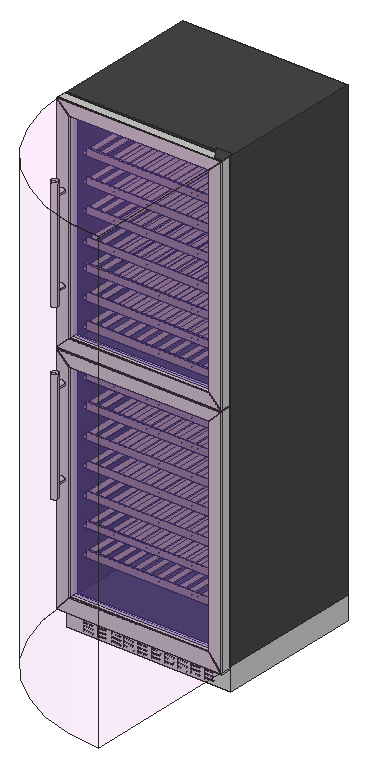
Revit family "QF_Summit_SWC1875B_Bottle_Commercial_Wine_Cellar", category Specialty Equipment, Revit 2020 (continued)
Definition of nested family "SWC1875B"
  Forms (in)
    Extrusion 32, void
      sketch origin (23.63, -20.875, 0.63091) x (1, 0, 0) y (0, 0, -1)
        loop
          line (-5.66837, -2.61853) -> (-4.44992, -2.61853)
          arc (-4.44992, -2.61853) -> (-4.32492, -2.49353) -> (-4.44992, -2.36853) r 0.125
          line (-4.44992, -2.36853) -> (-5.66837, -2.36853)
          arc (-5.66837, -2.36853) -> (-5.79337, -2.49353) -> (-5.66837, -2.61853) r 0.125
        loop
          line (-5.66837, -2.11853) -> (-4.44992, -2.11853)
          arc (-4.44992, -2.11853) -> (-4.32492, -1.99353) -> (-4.44992, -1.86853) r 0.125
          line (-4.44992, -1.86853) -> (-5.66837, -1.86853)
          arc (-5.66837, -1.86853) -> (-5.79337, -1.99353) -> (-5.66837, -2.11853) r 0.125
        loop
          line (-5.66837, -1.61853) -> (-4.44992, -1.61853)
          arc (-4.44992, -1.61853) -> (-4.32492, -1.49353) -> (-4.44992, -1.36853) r 0.125
          line (-4.44992, -1.36853) -> (-5.66837, -1.36853)
          arc (-5.66837, -1.36853) -> (-5.79337, -1.49353) -> (-5.66837, -1.61853) r 0.125
        loop
          line (-5.66837, -1.11853) -> (-4.44992, -1.11853)
          arc (-4.44992, -1.11853) -> (-4.32492, -0.99353) -> (-4.44992, -0.86853) r 0.125
          line (-4.44992, -0.86853) -> (-5.66837, -0.86853)
          arc (-5.66837, -0.86853) -> (-5.79337, -0.99353) -> (-5.66837, -1.11853) r 0.125
        loop
          line (-5.66837, -0.61853) -> (-4.44992, -0.61853)
          arc (-4.44992, -0.61853) -> (-4.32492, -0.49353) -> (-4.44992, -0.36853) r 0.125
          line (-4.44992, -0.36853) -> (-5.66837, -0.36853)
          arc (-5.66837, -0.36853) -> (-5.79337, -0.49353) -> (-5.66837, -0.61853) r 0.125
        loop
          line (-3.73087, -2.61853) -> (-2.51242, -2.61853)
          arc (-2.51242, -2.61853) -> (-2.38742, -2.49353) -> (-2.51242, -2.36853) r 0.125
          line (-2.51242, -2.36853) -> (-3.73087, -2.36853)
          arc (-3.73087, -2.36853) -> (-3.85587, -2.49353) -> (-3.73087, -2.61853) r 0.125
        loop
          line (-3.73087, -2.11853) -> (-2.51242, -2.11853)
          arc (-2.51242, -2.11853) -> (-2.38742, -1.99353) -> (-2.51242, -1.86853) r 0.125
          line (-2.51242, -1.86853) -> (-3.73087, -1.86853)
          arc (-3.73087, -1.86853) -> (-3.85587, -1.99353) -> (-3.73087, -2.11853) r 0.125
        loop
          line (-3.73087, -1.61853) -> (-2.51242, -1.61853)
          arc (-2.51242, -1.61853) -> (-2.38742, -1.49353) -> (-2.51242, -1.36853) r 0.125
          line (-2.51242, -1.36853) -> (-3.73087, -1.36853)
          arc (-3.73087, -1.36853) -> (-3.85587, -1.49353) -> (-3.73087, -1.61853) r 0.125
        loop
          line (-3.73087, -1.11853) -> (-2.51242, -1.11853)
          arc (-2.51242, -1.11853) -> (-2.38742, -0.99353) -> (-2.51242, -0.86853) r 0.125
          line (-2.51242, -0.86853) -> (-3.73087, -0.86853)
          arc (-3.73087, -0.86853) -> (-3.85587, -0.99353) -> (-3.73087, -1.11853) r 0.125
        loop
          line (-3.73087, -0.61853) -> (-2.51242, -0.61853)
          arc (-2.51242, -0.61853) -> (-2.38742, -0.49353) -> (-2.51242, -0.36853) r 0.125
          line (-2.51242, -0.36853) -> (-3.73087, -0.36853)
          arc (-3.73087, -0.36853) -> (-3.85587, -0.49353) -> (-3.73087, -0.61853) r 0.125
      from 0 to 0.48844
    Revolve 33, solid
      sketch origin (0, -17.46021, 0) x (1, 0, 0) y (0, 0, 1)
        loop
          line (1.66688, 0.63091) -> (1.66688, 0) -> (2.50005, 0) -> (2.50005, 0.42259) -> (2.00005, 0.42259) -> (2.00005, 0.63091) -> (1.66688, 0.63091)
        axis (1.66688, 0) -> (1.66688, 0.63091)
      angle from 0 to 360
    Revolve 34, solid
      sketch origin (23.63, -17.46021, 0) x (-1, 0, 0) y (0, 0, 1)
        loop
          line (1.66688, 0.63091) -> (1.66688, 0) -> (2.50005, 0) -> (2.50005, 0.42259) -> (2.00005, 0.42259) -> (2.00005, 0.63091) -> (1.66688, 0.63091)
        axis (1.66688, 0) -> (1.66688, 0.63091)
      angle from 0 to 360
    Revolve 35, solid
      sketch origin (0, -2.96021, 0) x (1, 0, 0) y (0, 0, 1)
        loop
          line (1.66688, 0.63091) -> (1.66688, 0) -> (2.50005, 0) -> (2.50005, 0.42259) -> (2.00005, 0.42259) -> (2.00005, 0.63091) -> (1.66688, 0.63091)
        axis (1.66688, 0) -> (1.66688, 0.63091)
      angle from 0 to 360
    Revolve 36, solid
      sketch origin (23.63, -2.96021, 0) x (-1, 0, 0) y (0, 0, 1)
        loop
          line (1.66688, 0.63091) -> (1.66688, 0) -> (2.50005, 0) -> (2.50005, 0.42259) -> (2.00005, 0.42259) -> (2.00005, 0.63091) -> (1.66688, 0.63091)
        axis (1.66688, 0) -> (1.66688, 0.63091)
      angle from 0 to 360
    Extrusion 37, solid
      sketch origin (21.87273, -22.55272, 39.25802) x (-1, 0, 0) y (0, -1, 0)
        loop
          line (20.05629, -0.8819) -> (20.05629, -0.3819) -> (0, -0.3819) -> (0, -0.8819) -> (20.05629, -0.8819)
      from 0 to 28.7204
    Extrusion 38, solid
      sketch origin (22.14472, -22.55272, 35.6817) x (0, 1, 0) y (1, 0, 0)
        loop
          line (0.8819, -20.32829) -> (0.8819, -0.272) -> (0.3819, -0.272) -> (0.3819, -20.32829) -> (0.8819, -20.32829)
      from 0 to 29.75
    Extrusion 39, solid
      sketch origin (23.63, -22.55272, 37.60233) x (-1, 0, 0) y (0, 0, -1)
        loop
          line (21.81357, -30.37609) -> (1.75727, -30.37609) -> (0, -32.02267) -> (23.63, -32.02267) -> (21.81357, -30.37609)
      from 0 to 0.19728
    Extrusion 40, solid
      sketch origin (23.63, -22.55272, 37.60233) x (-1, 0, 0) y (0, 0, -1)
        loop
          line (21.81357, -30.37609) -> (23.63, -32.02267) -> (23.63, 0) -> (21.81357, -1.65569) -> (21.81357, -30.37609)
      from 0 to 0.19728
    Extrusion 41, solid
      sketch origin (23.63, -22.55272, 37.60233) x (-1, 0, 0) y (0, 0, -1)
        loop
          line (1.75727, -1.65569) -> (21.81357, -1.65569) -> (23.63, 0) -> (0, 0) -> (1.75727, -1.65569)
      from 0 to 0.19728
    Extrusion 42, solid
      sketch origin (23.63, -22.55272, 37.60233) x (-1, 0, 0) y (0, 0, -1)
        loop
          line (0, 0) -> (0, -32.02267) -> (1.75727, -30.37609) -> (1.75727, -1.65569) -> (0, 0)
      from 0 to 0.19728
    Extrusion 43, solid
      sketch origin (23.63, -22.55272, 37.60233) x (-1, 0, 0) y (0, 0, -1)
        loop
          line (21.81357, 1.92064) -> (1.75727, 1.92064) -> (0, 0.25) -> (23.63, 0.25) -> (21.81357, 1.92064)
      from 0 to 0.19728
    Extrusion 44, solid
      sketch origin (23.63, -22.55272, 37.60233) x (-1, 0, 0) y (0, 0, -1)
        loop
          line (21.81357, 1.92064) -> (23.63, 0.25) -> (23.63, 33.79621) -> (21.81357, 31.67064) -> (21.81357, 1.92064)
      from 0 to 0.19728
    Extrusion 45, solid
      sketch origin (23.63, -22.55272, 37.60233) x (-1, 0, 0) y (0, 0, -1)
        loop
          line (21.81357, 31.67064) -> (23.63, 33.79621) -> (0, 33.79621) -> (1.75727, 31.67064) -> (21.81357, 31.67064)
      from 0 to 0.19728
    Extrusion 46, solid
      sketch origin (23.63, -22.55272, 37.60233) x (-1, 0, 0) y (0, 0, -1)
        loop
          line (1.75727, 31.67064) -> (0, 33.79621) -> (0, 0.25) -> (1.75727, 1.92064) -> (1.75727, 31.67064)
      from 0 to 0.19728
    Extrusion 47, solid
      sketch origin (0, 0, 0.63091) x (1, 0, 0) y (0, 0, -1)
        loop
          circle (19.64692, -0.97331) r 0.25
      from 0 to 0.03125
    Revolve 48, solid, visible <- "Show RHD"
      sketch origin (0.54676, -24.125, 48) x (-1, 0, 0) y (0, 0, 1)
        loop
          line (-0.30211, -12.91418) -> (-0.80211, -12.91418) -> (-0.80211, -28.91418) -> (-0.30211, -28.91418) -> (-0.30211, -12.91418)
        axis (-0.30211, -12.91418) -> (-0.30211, -28.91418)
      angle from 0 to 360
    Revolve 49, solid, visible <- "Show RHD"
      sketch origin (0.54676, -24.125, 48) x (-1, 0, 0) y (0, 0, 1)
        loop
          line (-0.30211, 11.83582) -> (-0.80211, 11.83582) -> (-0.80211, -4.16418) -> (-0.30211, -4.16418) -> (-0.30211, 11.83582)
        axis (-0.30211, 11.83582) -> (-0.30211, -4.16418)
      angle from 0 to 360
    Extrusion 50, solid, visible <- "Show RHD"
      sketch origin (23.63, -22.75, 37.60233) x (-1, 0, 0) y (0, 0, -1)
        loop
          circle (22.78729, -20.40461) r 0.34282
        loop
          circle (22.78729, -8.12336) r 0.34282
        loop
          circle (22.78729, 4.40789) r 0.34282
        loop
          circle (22.78729, 16.75164) r 0.34282
      from 0 to 1.41189
    Extrusion 51, solid, visible <- "Show RHD"
      sketch origin (-0.38082, -180, 69.625) x (-1, 0, 0) y (0, -1, 0)
        loop
          line (-21.62551, -159.45023) -> (-22.92625, -157.44728) -> (-23.92435, -157.44728) -> (-23.92435, -159.45023) -> (-21.62551, -159.45023)
      from 0 to 0.125
    Extrusion 52, solid, visible <- "Show RHD"
      sketch origin (-0.80553, -180, 37.8156) x (-1, 0, 0) y (0, 1, 0)
        loop
          line (-22.05022, 159.45023) -> (-24.34906, 159.45023) -> (-24.34906, 157.44728) -> (-23.35096, 157.44728) -> (-22.05022, 159.45023)
      from 0.21327 to 0.46327
    Extrusion 53, solid, visible <- "Show RHD"
      sketch origin (-0.38082, -180, 3.80612) x (0, -1, 0) y (-1, 0, 0)
        loop
          line (-159.45023, -21.62551) -> (-159.45023, -23.92435) -> (-157.44728, -23.92435) -> (-157.44728, -22.92625) -> (-159.45023, -21.62551)
      from 0 to 0.25
    Extrusion 54, solid, visible <- "Show RHD"
      sketch origin (-0.38082, -180, 3.80612) x (0, -1, 0) y (-1, 0, 0)
        loop
          line (-158.71108, -24.01082) -> (-135.25, -24.01082)
          arc (-135.25, -24.01082) -> (-142.11124, -7.36133) -> (-158.71108, -0.38082) r 23.63
          line (-158.71108, -0.38082) -> (-158.71108, -24.01082)
      from 0 to -65.81888
    Extrusion 55, solid, visible <- "Show RHD"
      sketch origin (0, 0, 0) x (1, 0, 0) y (0, 0, 1)
        loop
          line (1.4559, 68.10899) -> (1.4559, 66.10899) -> (22.2059, 66.10899) -> (22.2059, 68.10899) -> (1.4559, 68.10899)
      from 6.32583 to 19.80063
    Extrusion 56, solid
      sketch origin (0, -19.80063, 0) x (1, 0, 0) y (0, 0, 1)
        loop
          line (8.43898, 67.12374) -> (8.43898, 66.62374) -> (8.93898, 66.62374) -> (8.93898, 67.12374) -> (8.43898, 67.12374)
        loop
          line (8.47023, 67.09249) -> (8.47023, 66.65499) -> (8.90773, 66.65499) -> (8.90773, 67.09249) -> (8.47023, 67.09249)
        loop
          line (8.50148, 67.06124) -> (8.50148, 66.68624) -> (8.87648, 66.68624) -> (8.87648, 67.06124) -> (8.50148, 67.06124)
        loop
          line (9.18898, 67.12374) -> (9.18898, 66.62374) -> (9.68898, 66.62374) -> (9.68898, 67.12374) -> (9.18898, 67.12374)
        loop
          line (9.22023, 67.09249) -> (9.22023, 66.65499) -> (9.65773, 66.65499) -> (9.65773, 67.09249) -> (9.22023, 67.09249)
        loop
          line (9.25148, 67.06124) -> (9.25148, 66.68624) -> (9.62648, 66.68624) -> (9.62648, 67.06124) -> (9.25148, 67.06124)
        loop
          line (9.92438, 67.12374) -> (9.92438, 66.62374) -> (10.42438, 66.62374) -> (10.42438, 67.12374) -> (9.92438, 67.12374)
        loop
          line (9.95563, 67.09249) -> (9.95563, 66.65499) -> (10.39313, 66.65499) -> (10.39313, 67.09249) -> (9.95563, 67.09249)
        loop
          line (9.98688, 67.06124) -> (9.98688, 66.68624) -> (10.36188, 66.68624) -> (10.36188, 67.06124) -> (9.98688, 67.06124)
        loop
          line (15.19102, 67.12374) -> (14.69102, 67.12374) -> (14.69102, 66.62374) -> (15.19102, 66.62374) -> (15.19102, 67.12374)
        loop
          line (15.15977, 67.09249) -> (14.72227, 67.09249) -> (14.72227, 66.65499) -> (15.15977, 66.65499) -> (15.15977, 67.09249)
        loop
          line (15.12852, 67.06124) -> (14.75352, 67.06124) -> (14.75352, 66.68624) -> (15.12852, 66.68624) -> (15.12852, 67.06124)
        loop
          line (14.44102, 67.12374) -> (13.94102, 67.12374) -> (13.94102, 66.62374) -> (14.44102, 66.62374) -> (14.44102, 67.12374)
        loop
          line (14.40977, 67.09249) -> (13.97227, 67.09249) -> (13.97227, 66.65499) -> (14.40977, 66.65499) -> (14.40977, 67.09249)
        loop
          line (14.37852, 67.06124) -> (14.00352, 67.06124) -> (14.00352, 66.68624) -> (14.37852, 66.68624) -> (14.37852, 67.06124)
        loop
          line (13.70562, 67.12374) -> (13.20562, 67.12374) -> (13.20562, 66.62374) -> (13.70562, 66.62374) -> (13.70562, 67.12374)
        loop
          line (13.67437, 67.09249) -> (13.23687, 67.09249) -> (13.23687, 66.65499) -> (13.67437, 66.65499) -> (13.67437, 67.09249)
        loop
          line (13.64312, 67.06124) -> (13.26812, 67.06124) -> (13.26812, 66.68624) -> (13.64312, 66.68624) -> (13.64312, 67.06124)
      from 0 to 0.03125
    Extrusion 57, solid
      sketch origin (0, -19.80063, 0) x (1, 0, 0) y (0, 0, 1)
        loop
          line (10.77318, 67.42859) -> (10.77318, 66.36609) -> (12.92283, 66.36609) -> (12.92283, 67.42859) -> (10.77318, 67.42859)
      from 0 to 0.03125
    Extrusion 58, solid
      sketch origin (0, -19.80063, 0) x (1, 0, 0) y (0, 0, 1)
        loop
          line (8.47023, 67.09249) -> (8.47023, 66.65499) -> (8.90773, 66.65499) -> (8.90773, 67.09249) -> (8.47023, 67.09249)
        loop
          line (8.50148, 67.06124) -> (8.50148, 66.68624) -> (8.87648, 66.68624) -> (8.87648, 67.06124) -> (8.50148, 67.06124)
        loop
          line (9.22023, 67.09249) -> (9.22023, 66.65499) -> (9.65773, 66.65499) -> (9.65773, 67.09249) -> (9.22023, 67.09249)
        loop
          line (9.25148, 67.06124) -> (9.25148, 66.68624) -> (9.62648, 66.68624) -> (9.62648, 67.06124) -> (9.25148, 67.06124)
        loop
          line (9.95563, 67.09249) -> (9.95563, 66.65499) -> (10.39313, 66.65499) -> (10.39313, 67.09249) -> (9.95563, 67.09249)
        loop
          line (9.98688, 67.06124) -> (9.98688, 66.68624) -> (10.36188, 66.68624) -> (10.36188, 67.06124) -> (9.98688, 67.06124)
        loop
          line (13.23687, 67.09249) -> (13.23687, 66.65499) -> (13.67437, 66.65499) -> (13.67437, 67.09249) -> (13.23687, 67.09249)
        loop
          line (13.26812, 67.06124) -> (13.26812, 66.68624) -> (13.64312, 66.68624) -> (13.64312, 67.06124) -> (13.26812, 67.06124)
        loop
          line (13.97227, 67.09249) -> (13.97227, 66.65499) -> (14.40977, 66.65499) -> (14.40977, 67.09249) -> (13.97227, 67.09249)
        loop
          line (14.00352, 67.06124) -> (14.00352, 66.68624) -> (14.37852, 66.68624) -> (14.37852, 67.06124) -> (14.00352, 67.06124)
        loop
          line (14.72227, 67.09249) -> (14.72227, 66.65499) -> (15.15977, 66.65499) -> (15.15977, 67.09249) -> (14.72227, 67.09249)
        loop
          line (14.75352, 67.06124) -> (14.75352, 66.68624) -> (15.12852, 66.68624) -> (15.12852, 67.06124) -> (14.75352, 67.06124)
      from 0 to 0.03125
    Revolve 59, solid, visible <- "Show LHD"
      sketch origin (23.08324, -24.125, 48) x (1, 0, 0) y (0, 0, -1)
        loop
          line (-0.30211, 12.91418) -> (-0.30211, 28.91418) -> (-0.80211, 28.91418) -> (-0.80211, 12.91418) -> (-0.30211, 12.91418)
        axis (-0.30211, 12.91418) -> (-0.30211, 28.91418)
      angle from 0 to 360
    Revolve 60, solid, visible <- "Show LHD"
      sketch origin (23.08324, -24.125, 48) x (1, 0, 0) y (0, 0, -1)
        loop
          line (-0.30211, -11.83582) -> (-0.30211, 4.16418) -> (-0.80211, 4.16418) -> (-0.80211, -11.83582) -> (-0.30211, -11.83582)
        axis (-0.30211, -11.83582) -> (-0.30211, 4.16418)
      angle from 0 to 360
    Extrusion 61, solid, visible <- "Show LHD"
      sketch origin (0, -22.75, 37.60233) x (1, 0, 0) y (0, 0, 1)
        loop
          circle (22.78729, 20.40461) r 0.34282
        loop
          circle (22.78729, 8.12336) r 0.34282
        loop
          circle (22.78729, -4.40789) r 0.34282
        loop
          circle (22.78729, -16.75164) r 0.34282
      from 0 to 1.41189
    Extrusion 62, solid, visible <- "Show LHD"
      sketch origin (24.01082, -180, 69.625) x (1, 0, 0) y (0, 1, 0)
        loop
          line (-21.62551, 159.45023) -> (-23.92435, 159.45023) -> (-23.92435, 157.44728) -> (-22.92625, 157.44728) -> (-21.62551, 159.45023)
      from 0 to 0.125
    Extrusion 63, solid, visible <- "Show LHD"
      sketch origin (24.43553, -180, 37.8156) x (-1, 0, 0) y (0, 1, 0)
        loop
          line (22.05022, 159.45023) -> (23.35096, 157.44728) -> (24.34906, 157.44728) -> (24.34906, 159.45023) -> (22.05022, 159.45023)
      from 0.21327 to 0.46327
    Extrusion 64, solid, visible <- "Show LHD"
      sketch origin (24.01082, -180, 3.80612) x (0, 1, 0) y (1, 0, 0)
        loop
          line (159.45023, -21.62551) -> (157.44728, -22.92625) -> (157.44728, -23.92435) -> (159.45023, -23.92435) -> (159.45023, -21.62551)
      from 0 to 0.25
    Extrusion 65, solid, visible <- "Show LHD"
      sketch origin (24.01082, -180, 3.80612) x (0, 1, 0) y (1, 0, 0)
        loop
          line (158.71108, -24.01082) -> (158.71108, -0.38082)
          arc (158.71108, -0.38082) -> (142.11124, -7.36133) -> (135.25, -24.01082) r 23.63
          line (135.25, -24.01082) -> (158.71108, -24.01082)
      from 0 to -65.81888
  Cuts and joins
    joined: Extrusion 51, Extrusion 52, Extrusion 55
    Extrusion 7 cuts Extrusion 4
    Extrusion 7, Extrusion 8, Extrusion 9 cuts Extrusion 3
    Extrusion 8, Extrusion 9 cuts Extrusion 5
    Extrusion 9 cuts Extrusion 6
    joined: Revolve 48, Revolve 49, Extrusion 50
    Extrusion 7, Extrusion 8, Extrusion 9 cuts Extrusion 2
    Extrusion 8, Extrusion 32 cuts Extrusion 1
  Lines and regions (in)
    symbolic lines, visible <- "Show RHD"
      curve 1: arc (0.34887, -24.125, 0) -> (0.84887, -23.625, 0) -> (1.34887, -24.125, 0) r 0.5
      curve 2: arc (1.34887, -24.125, 0) -> (0.84887, -24.625, 0) -> (0.34887, -24.125, 0) r 0.5
      curve 3: line (1.18553, -23.75532, 0) -> (1.18553, -22.75, 0)
      curve 4: line (0.49988, -23.76694, 0) -> (0.49988, -22.75, 0)
      curve 5: line (0, -22.75, 0) -> (23.63, -22.75, 0)
      curve 6: line (23.63, -22.55272, 0) -> (0, -22.55272, 0)
      curve 7: line (0, -21.28892, 0) -> (0, -22.75, 0)
      curve 8: line (23.63, -21.28892, 0) -> (23.54352, -21.28892, 0)
      curve 9: line (23.63, -22.75, 0) -> (23.63, -21.28892, 0)
      curve 10: line (21.7247, -21.28892, 0) -> (0, -21.28892, 0)
      curve 11: line (21.24469, -20.54977, 0) -> (22.54542, -22.55272, 0)
      curve 12: line (23.54352, -20.54977, 0) -> (21.24469, -20.54977, 0)
      curve 13: line (23.54352, -22.55272, 0) -> (23.54352, -20.54977, 0)
      curve 14: line (0, -20.875, 0) -> (21.4559, -20.875, 0)
      curve 15: line (23.54352, -20.875, 0) -> (23.63, -20.875, 0)
      curve 19: line (0.21484, -21.28892, 0) -> (0.21484, -20.875, 0)
      curve 20: arc (3.23891, -33.06173, 0) -> (0.84591, -27.38814, 0) -> (0, -21.28892, 0) r 23.63
      curve 21: line (23.63, -21.28892, 0) -> (3.23891, -33.06173, 0)
    symbolic lines
      curve 16: line (0, -20.875, 0) -> (0, 0, 0)
      curve 17: line (0, 0, 0) -> (23.63, 0, 0)
      curve 18: line (23.63, 0, 0) -> (23.63, -20.875, 0)
    symbolic lines, visible <- "Show LHD"
      curve 22: arc (23.28113, -24.125, 0) -> (22.78113, -23.625, 0) -> (22.28113, -24.125, 0) r 0.5
      curve 23: arc (22.28113, -24.125, 0) -> (22.78113, -24.625, 0) -> (23.28113, -24.125, 0) r 0.5
      curve 24: line (22.44447, -23.75532, 0) -> (22.44447, -22.75, 0)
      curve 25: line (23.13012, -23.76694, 0) -> (23.13012, -22.75, 0)
      curve 26: line (23.63, -22.75, 0) -> (0, -22.75, 0)
      curve 27: line (0, -22.55272, 0) -> (23.63, -22.55272, 0)
      curve 28: line (23.63, -21.28892, 0) -> (23.63, -22.75, 0)
      curve 29: line (0, -21.28892, 0) -> (0.08648, -21.28892, 0)
      curve 30: line (0, -22.75, 0) -> (0, -21.28892, 0)
      curve 31: line (1.9053, -21.28892, 0) -> (23.63, -21.28892, 0)
      curve 32: line (2.38531, -20.54977, 0) -> (1.08458, -22.55272, 0)
      curve 33: line (0.08648, -20.54977, 0) -> (2.38531, -20.54977, 0)
      curve 34: line (0.08648, -22.55272, 0) -> (0.08648, -20.54977, 0)
      curve 35: arc (20.39109, -33.06173, 0) -> (22.78409, -27.38814, 0) -> (23.63, -21.28892, 0) r 23.63
      curve 36: line (0, -21.28892, 0) -> (20.39109, -33.06173, 0)
      curve 37: line (23.63, -20.875, 0) -> (2.1741, -20.875, 0)
      curve 38: line (0.08648, -20.875, 0) -> (0, -20.875, 0)
      curve 39: line (23.41516, -21.28892, 0) -> (23.41516, -20.875, 0)
  Dimensions and locks (in)
    equal spacing: plane 3 "LEFT", plane 7 "Center Y", plane 4 "RIGHT"
    "Length": plane 3 "LEFT" to plane 4 "RIGHT"
    equal spacing: plane 5 "FRONT", plane 8 "Center X", plane 1 "BACK"
    "Depth": plane 5 "FRONT" to plane 1 "BACK"
    "Height": plane 6 "TOP" to level
    plane 1 "BACK" to plane 12 = 44 3/4"
    aligned and locked: level to plane 2
  Automatic sketch dimensions
    plane 1 "BACK" to Extrusion 1 sketch curve = 0"
    Extrusion 1 sketch curve to plane 4 "RIGHT" = 0"
    Extrusion 1 sketch curve to plane 3 "LEFT" = 0"
    Extrusion 1 sketch curve to plane 5 "FRONT" = 1 7/8"
    Extrusion 2 sketch curve to Extrusion 1 = 0"  (x4)
    Extrusion 3 sketch curve to plane 4 "RIGHT" = 0"
    Extrusion 3 sketch curve to plane 3 "LEFT" = 0"
    Extrusion 3 sketch curve to plane 5 "FRONT" = 1.46108"
    Extrusion 3 sketch curve to plane 5 "FRONT" = 0.19728"
    Extrusion 4 sketch curve to plane 4 "RIGHT" = 0"
    Extrusion 4 sketch curve to plane 3 "LEFT" = 0"
    Extrusion 4 sketch curve to plane 5 "FRONT" = 1.46108"
    Extrusion 4 sketch curve to plane 5 "FRONT" = 0.19728"
    plane 4 "RIGHT" to Extrusion 5 sketch curve = 0.21583"
    plane 3 "LEFT" to Extrusion 5 sketch curve = 55/256"
    Extrusion 5 sketch curve to plane 5 "FRONT" = 1 7/8"
    Extrusion 5 sketch curve to Extrusion 5 sketch curve = 0.41392"
    plane 3 "LEFT" to Extrusion 6 sketch curve = 55/256"
    Extrusion 6 sketch curve to plane 5 "FRONT" = 1.46108"
    Extrusion 6 sketch curve to Extrusion 6 sketch curve = 0.41392"
    plane 4 "RIGHT" to Extrusion 6 sketch curve = 0.21583"
    Extrusion 7 sketch curve to Extrusion 4 = 1.81643"  (x2)
    Extrusion 4 to Extrusion 7 sketch curve = 1.75727"  (x2)
    Extrusion 7 sketch curve to Extrusion 4 = 1.64657"
    Extrusion 7 sketch curve to Extrusion 4 = 1.65569"
    Extrusion 4 to Extrusion 7 sketch curve = 1.92064"
    Extrusion 7 sketch curve to Extrusion 7 sketch curve = 29 3/4"
    Extrusion 8 sketch curve to plane 11 = 0.11655"
    plane 1 "BACK" to Extrusion 8 sketch curve = 3.33763"
    Extrusion 8 sketch curve to Extrusion 8 sketch curve = 1/2"  (x2)
    Extrusion 8 sketch curve to plane 5 "FRONT" = 1.46108"
    plane 4 "RIGHT" to Extrusion 8 sketch curve = 1.9241"
    Extrusion 9 sketch curve to plane 11 = 0.61655"
    Extrusion 9 sketch curve to plane 11 = 0.11655"
    plane 4 "RIGHT" to Extrusion 9 sketch curve = 1.9241"
    plane 4 "RIGHT" to Extrusion 9 sketch curve = 1.4241"
    Extrusion 9 sketch curve to plane 5 "FRONT" = 1.46108"
    plane 1 "BACK" to Extrusion 9 sketch curve = 3.83763"
    Extrusion 10 sketch curve to plane 11 = 0.61655"  (x7)
    Extrusion 10 sketch curve to plane 6 "TOP" = 30.36698"
    Extrusion 10 sketch curve to Extrusion 10 sketch curve = 1/2"  (x7)
    Extrusion 10 sketch curve to Extrusion 10 sketch curve = 3.23881"
    Extrusion 10 sketch curve to Extrusion 10 sketch curve = 3 11/64"
    plane 4 "RIGHT" to Extrusion 10 sketch curve = 1.4241"  (x7)
    Extrusion 10 sketch curve to Extrusion 10 sketch curve = 2 15/16"
    Extrusion 10 sketch curve to Extrusion 10 sketch curve = 3 1/2"
    Extrusion 10 sketch curve to Extrusion 10 sketch curve = 3 1/4"  (x2)
    Extrusion 11 sketch curve to plane 11 = 0.61655"  (x7)
    plane 10 to Extrusion 11 sketch curve = 9.26515"
    Extrusion 11 sketch curve to Extrusion 11 sketch curve = 1/2"  (x7)
    Extrusion 11 sketch curve to Extrusion 11 sketch curve = 3 1/4"  (x3)
    Extrusion 11 sketch curve to Extrusion 11 sketch curve = 3 11/32"  (x2)
    plane 4 "RIGHT" to Extrusion 11 sketch curve = 1.4241"  (x7)
    Extrusion 11 sketch curve to Extrusion 11 sketch curve = 3 3/8"
    Extrusion 12 sketch curve to Extrusion 10 = 0"  (x7)
    Extrusion 10 to Extrusion 12 sketch curve = 0.58807"  (x7)
    Extrusion 12 sketch curve to Extrusion 10 = 0.61655"  (x7)
    Extrusion 12 sketch curve to Extrusion 10 = 0.5608"  (x7)
    Extrusion 13 sketch curve to Extrusion 10 = 0.62079"
    Extrusion 10 to Extrusion 13 sketch curve = 5.5335"
    Extrusion 13 sketch curve to Extrusion 13 sketch curve = 1.01595"
    Extrusion 13 sketch curve to Extrusion 10 = 0.61655"
    Extrusion 14 sketch curve to Extrusion 10 = 0.62079"
    Extrusion 10 to Extrusion 14 sketch curve = 9.2835"
    Extrusion 14 sketch curve to Extrusion 14 sketch curve = 1.01595"
    Extrusion 14 sketch curve to Extrusion 10 = 0.61655"
    Extrusion 15 sketch curve to Extrusion 10 = 0.62079"
    Extrusion 10 to Extrusion 15 sketch curve = 13.1585"
    Extrusion 15 sketch curve to Extrusion 15 sketch curve = 1.01595"
    Extrusion 15 sketch curve to Extrusion 10 = 0.61655"
    Extrusion 16 sketch curve to Extrusion 10 = 0.62079"
    Extrusion 10 to Extrusion 16 sketch curve = 16.9085"
    Extrusion 16 sketch curve to Extrusion 16 sketch curve = 1.01595"
    Extrusion 16 sketch curve to Extrusion 10 = 0.61655"
    Extrusion 17 sketch curve to Extrusion 10 = 0.62079"
    Extrusion 10 to Extrusion 17 sketch curve = 20.75225"
    Extrusion 17 sketch curve to Extrusion 17 sketch curve = 1.01595"
    Extrusion 17 sketch curve to Extrusion 10 = 0.61655"
    Extrusion 18 sketch curve to Extrusion 10 = 0.62079"
    Extrusion 10 to Extrusion 18 sketch curve = 24.596"
    Extrusion 18 sketch curve to Extrusion 18 sketch curve = 1.01595"
    Extrusion 18 sketch curve to Extrusion 10 = 0.61655"
    Extrusion 19 sketch curve to Extrusion 10 = 0.62079"
    Extrusion 10 to Extrusion 19 sketch curve = 28.346"
    Extrusion 19 sketch curve to Extrusion 19 sketch curve = 1.01595"
    Extrusion 19 sketch curve to Extrusion 10 = 0.61655"
    Extrusion 20 sketch curve to plane 11 = 0.61655"  (x7)
    Extrusion 20 sketch curve to plane 6 "TOP" = 30.36698"
    Extrusion 20 sketch curve to Extrusion 20 sketch curve = 1/2"  (x7)
    Extrusion 20 sketch curve to Extrusion 20 sketch curve = 3.23881"
    Extrusion 20 sketch curve to Extrusion 20 sketch curve = 3 11/64"
    plane 4 "RIGHT" to Extrusion 20 sketch curve = 1.4241"  (x7)
    Extrusion 20 sketch curve to Extrusion 20 sketch curve = 2 15/16"
    Extrusion 20 sketch curve to Extrusion 20 sketch curve = 3 1/2"
    Extrusion 20 sketch curve to Extrusion 20 sketch curve = 3 1/4"  (x2)
    Extrusion 21 sketch curve to plane 11 = 0.61655"  (x7)
    plane 10 to Extrusion 21 sketch curve = 9.26515"
    Extrusion 21 sketch curve to Extrusion 21 sketch curve = 1/2"  (x7)
    Extrusion 21 sketch curve to Extrusion 21 sketch curve = 3 1/4"  (x3)
    Extrusion 21 sketch curve to Extrusion 21 sketch curve = 3 11/32"  (x2)
    plane 4 "RIGHT" to Extrusion 21 sketch curve = 1.4241"  (x7)
    Extrusion 21 sketch curve to Extrusion 21 sketch curve = 3 3/8"
    Extrusion 22 sketch curve to Extrusion 12 = 1/2"  (x91)
    Extrusion 22 sketch curve to Extrusion 22 sketch curve = 0.05737"  (x91)
    Extrusion 12 to Extrusion 22 sketch curve = 0.25602"  (x7)
    Extrusion 22 sketch curve to Extrusion 12 = 0.62854"  (x7)
    Extrusion 22 sketch curve to Extrusion 22 sketch curve = 0.57437"  (x7)
    Extrusion 22 sketch curve to Extrusion 22 sketch curve = 0.88455"  (x77)
    Extrusion 22 sketch curve to Extrusion 22 sketch curve = 0.86545"  (x35)
    Extrusion 22 sketch curve to Extrusion 22 sketch curve = 0.61545"  (x35)
    Extrusion 22 sketch curve to Extrusion 12 = 0.55724"  (x7)
    Extrusion 12 to Extrusion 22 sketch curve = 0.32731"  (x7)
    Extrusion 12 to Extrusion 23 sketch curve = 0.32731"  (x7)
    Extrusion 12 to Extrusion 23 sketch curve = 28.86195"
    Extrusion 23 sketch curve to Extrusion 12 = 0.62854"  (x7)
    Extrusion 23 sketch curve to Extrusion 23 sketch curve = 0"  (x78)
    Extrusion 23 sketch curve to Extrusion 23 sketch curve = 0.05737"  (x91)
    Extrusion 23 sketch curve to Extrusion 23 sketch curve = 3.69263"  (x6)
    Extrusion 23 sketch curve to Extrusion 23 sketch curve = 3.78638"  (x4)
    Extrusion 12 to Extrusion 23 sketch curve = 0.25602"  (x7)
    Extrusion 23 sketch curve to Extrusion 23 sketch curve = 3.81763"  (x2)
    Extrusion 23 sketch curve to Extrusion 23 sketch curve = 0.57437"  (x7)
    Extrusion 23 sketch curve to Extrusion 23 sketch curve = 0.88455"  (x77)
    Extrusion 23 sketch curve to Extrusion 23 sketch curve = 0.86545"  (x35)
    Extrusion 23 sketch curve to Extrusion 23 sketch curve = 0.61545"  (x35)
    Extrusion 23 sketch curve to Extrusion 12 = 0.55724"  (x7)
    Extrusion 24 sketch curve to plane 11 = 0"  (x7)
    plane 4 "RIGHT" to Extrusion 24 sketch curve = 1.98491"  (x7)
    Extrusion 24 sketch curve to plane 6 "TOP" = 6.93073"
    Extrusion 24 sketch curve to Extrusion 24 sketch curve = 1.08807"  (x7)
    Extrusion 24 sketch curve to Extrusion 24 sketch curve = 2.66193"  (x2)
    Extrusion 24 sketch curve to Extrusion 24 sketch curve = 2.91193"
    Extrusion 24 sketch curve to Extrusion 24 sketch curve = 2.34943"
    Extrusion 24 sketch curve to Extrusion 24 sketch curve = 2.58381"
    Extrusion 24 sketch curve to Extrusion 24 sketch curve = 2.65074"
    Extrusion 25 sketch curve to plane 11 = 0"
    plane 4 "RIGHT" to Extrusion 25 sketch curve = 2.0449"
    plane 10 to Extrusion 25 sketch curve = 33.0936"
    Extrusion 25 sketch curve to Extrusion 25 sketch curve = 1.01595"
    Extrusion 26 sketch curve to plane 11 = 0"
    plane 4 "RIGHT" to Extrusion 26 sketch curve = 2.0449"
    plane 10 to Extrusion 26 sketch curve = 29.3436"
    Extrusion 26 sketch curve to Extrusion 26 sketch curve = 1.01595"
    Extrusion 27 sketch curve to plane 11 = 0"
    plane 4 "RIGHT" to Extrusion 27 sketch curve = 2.0449"
    plane 10 to Extrusion 27 sketch curve = 25.4686"
    Extrusion 27 sketch curve to Extrusion 27 sketch curve = 1.01595"
    Extrusion 28 sketch curve to plane 11 = 0"
    plane 4 "RIGHT" to Extrusion 28 sketch curve = 2.0449"
    plane 10 to Extrusion 28 sketch curve = 21.7186"
    Extrusion 28 sketch curve to Extrusion 28 sketch curve = 1.01595"
    Extrusion 29 sketch curve to plane 11 = 0"
    plane 4 "RIGHT" to Extrusion 29 sketch curve = 2.0449"
    plane 10 to Extrusion 29 sketch curve = 17.87485"
    Extrusion 29 sketch curve to Extrusion 29 sketch curve = 1.01595"
    Extrusion 30 sketch curve to plane 11 = 0"
    plane 4 "RIGHT" to Extrusion 30 sketch curve = 2.0449"
    plane 10 to Extrusion 30 sketch curve = 14.0311"
    Extrusion 30 sketch curve to Extrusion 30 sketch curve = 1.01595"
    Extrusion 31 sketch curve to plane 11 = 0"
    plane 4 "RIGHT" to Extrusion 31 sketch curve = 2.0449"
    plane 10 to Extrusion 31 sketch curve = 10.2811"
    Extrusion 31 sketch curve to Extrusion 31 sketch curve = 1.01595"
    Extrusion 32 sketch curve to Extrusion 1 = 0.55668"  (x10)
    Extrusion 32 sketch curve to Extrusion 1 = 2.5065"
    Extrusion 32 sketch curve to Extrusion 1 = 0.49353"
    Extrusion 32 sketch curve to Extrusion 32 sketch curve = 0"  (x71)
    Extrusion 32 sketch curve to Extrusion 32 sketch curve = 1.21845"  (x10)
    Extrusion 32 sketch curve to Extrusion 32 sketch curve = 0.78155"  (x6)
    Extrusion 32 sketch curve to Extrusion 32 sketch curve = 0.59405"  (x2)
    Extrusion 32 sketch curve to Extrusion 32 sketch curve = 0.73279"  (x2)
    Extrusion 32 sketch curve to Extrusion 32 sketch curve = 0.66043"  (x2)
    Extrusion 32 sketch curve to Extrusion 32 sketch curve = 0.65655"  (x2)
    Extrusion 32 sketch curve to Extrusion 32 sketch curve = 0.71905"  (x4)
    Extrusion 32 sketch curve to Extrusion 32 sketch curve = 1/8"  (x50)
    Extrusion 32 sketch curve to Extrusion 32 sketch curve = 1/4"  (x39)
    Revolve 33 sketch curve to plane 10 = 0"
    Revolve 33 sketch curve to level = 0"  (x2)
    Revolve 33 sketch curve to plane 11 = 0.40557"
    Revolve 33 sketch curve to plane 11 = 0.0724"
    plane 11 to Revolve 33 sketch curve = 0.4276"
    Revolve 33 sketch curve to plane 10 = 0.20832"  (x2)
    Revolve 33 sketch curve to Revolve 33 sketch curve = 0"
    Revolve 34 sketch curve to plane 10 = 0"
    Revolve 34 sketch curve to level = 0"  (x2)
    Revolve 34 sketch curve to plane 4 "RIGHT" = 1.66688"
    Revolve 34 sketch curve to Revolve 34 sketch curve = 0.33317"
    Revolve 34 sketch curve to Revolve 34 sketch curve = 1/2"
    plane 10 to Revolve 34 sketch curve = 0.20832"  (x2)
    Revolve 34 sketch curve to Revolve 34 sketch curve = 0"
    Revolve 35 sketch curve to plane 10 = 0"
    Revolve 35 sketch curve to level = 0"  (x2)
    Revolve 35 sketch curve to plane 11 = 0.40557"
    Revolve 35 sketch curve to plane 11 = 0.0724"
    plane 11 to Revolve 35 sketch curve = 0.4276"
    Revolve 35 sketch curve to plane 10 = 0.20832"
    Revolve 35 sketch curve to Revolve 35 sketch curve = 0"
    Revolve 35 sketch curve to Revolve 35 sketch curve = 0.20832"
    Revolve 36 sketch curve to plane 10 = 0"
    Revolve 36 sketch curve to level = 0"  (x2)
    Revolve 36 sketch curve to plane 4 "RIGHT" = 1.66688"
    Revolve 36 sketch curve to Revolve 36 sketch curve = 0.33317"
    Revolve 36 sketch curve to Revolve 36 sketch curve = 1/2"
    plane 10 to Revolve 36 sketch curve = 0.20832"
    Revolve 36 sketch curve to Revolve 36 sketch curve = 0"
    Revolve 36 sketch curve to Revolve 36 sketch curve = 0.20832"
    Extrusion 37 sketch curve to Extrusion 7 = 0"  (x2)
    Extrusion 7 to Extrusion 37 sketch curve = 0.3819"  (x2)
    Extrusion 38 sketch curve to Extrusion 7 = 0"  (x2)
    Extrusion 38 sketch curve to Extrusion 7 = 0.3819"  (x2)
    Extrusion 39 sketch curve to Extrusion 4 = 0"  (x3)
    Extrusion 39 sketch curve to Extrusion 4 = 1.75727"
    Extrusion 4 to Extrusion 39 sketch curve = 1.81643"
    Extrusion 4 to Extrusion 39 sketch curve = 1.64657"
    Extrusion 40 sketch curve to Extrusion 4 = 0"  (x3)
    Extrusion 4 to Extrusion 40 sketch curve = 1.81643"
    Extrusion 4 to Extrusion 40 sketch curve = 1.64657"
    Extrusion 4 to Extrusion 40 sketch curve = 1.65569"
    Extrusion 41 sketch curve to Extrusion 4 = 0"  (x3)
    Extrusion 41 sketch curve to Extrusion 4 = 1.75727"
    Extrusion 4 to Extrusion 41 sketch curve = 1.81643"
    Extrusion 4 to Extrusion 41 sketch curve = 1.65569"
    Extrusion 42 sketch curve to Extrusion 4 = 0"  (x3)
    Extrusion 42 sketch curve to Extrusion 4 = 1.75727"
    Extrusion 4 to Extrusion 42 sketch curve = 1.64657"
    Extrusion 4 to Extrusion 42 sketch curve = 1.65569"
    Extrusion 4 to Extrusion 43 sketch curve = 0"  (x2)
    Extrusion 43 sketch curve to Extrusion 4 = 1.75727"
    Extrusion 4 to Extrusion 43 sketch curve = 1.81643"
    Extrusion 43 sketch curve to Extrusion 4 = 1/4"
    Extrusion 43 sketch curve to Extrusion 4 = 1.92064"
    Extrusion 4 to Extrusion 44 sketch curve = 0"
    Extrusion 4 to Extrusion 44 sketch curve = 1.81643"
    Extrusion 44 sketch curve to Extrusion 4 = 1/4"
    Extrusion 44 sketch curve to Extrusion 4 = 1.92064"
    Extrusion 44 sketch curve to Extrusion 44 sketch curve = 29 3/4"
    Extrusion 44 sketch curve to Extrusion 44 sketch curve = 2.12558"
    Extrusion 4 to Extrusion 45 sketch curve = 0"  (x2)
    Extrusion 45 sketch curve to Extrusion 4 = 1.75727"
    Extrusion 4 to Extrusion 45 sketch curve = 1.81643"
    Extrusion 45 sketch curve to Extrusion 4 = 31.67064"
    Extrusion 45 sketch curve to Extrusion 45 sketch curve = 2.12558"
    Extrusion 4 to Extrusion 46 sketch curve = 0"
    Extrusion 46 sketch curve to Extrusion 4 = 1.75727"
    Extrusion 46 sketch curve to Extrusion 4 = 1/4"
    Extrusion 46 sketch curve to Extrusion 4 = 1.92064"
    Extrusion 46 sketch curve to Extrusion 46 sketch curve = 29 3/4"
    Extrusion 46 sketch curve to Extrusion 46 sketch curve = 2.12558"
    Extrusion 1 to Extrusion 47 sketch curve = 0.97331"
    Extrusion 47 sketch curve to Extrusion 1 = 3.98308"
    Revolve 48 sketch curve to plane 11 = 0.72358"
    Revolve 48 sketch curve to Revolve 48 sketch curve = 1/2"  (x2)
    plane 10 to Revolve 48 sketch curve = 18.45491"
    Revolve 48 sketch curve to Revolve 48 sketch curve = 16"
    Revolve 48 sketch curve to Revolve 48 sketch curve = 0"  (x2)
    Revolve 49 sketch curve to plane 11 = 0.72358"
    Revolve 49 sketch curve to Revolve 49 sketch curve = 1/2"  (x2)
    Revolve 49 sketch curve to plane 6 "TOP" = 25.78918"
    Revolve 49 sketch curve to plane 6 "TOP" = 9.78918"
    Revolve 49 sketch curve to Revolve 49 sketch curve = 0"  (x2)
    Extrusion 39 to Extrusion 50 sketch curve = 22.25274"
    Extrusion 39 to Extrusion 50 sketch curve = 1.85897"
    Extrusion 50 sketch curve to Extrusion 50 sketch curve = 0"  (x3)
    Extrusion 39 to Extrusion 50 sketch curve = 9.97149"
    Extrusion 50 sketch curve to Extrusion 50 sketch curve = 12 17/32"
    Extrusion 50 sketch curve to Extrusion 50 sketch curve = 12 11/32"
    Extrusion 4 to Extrusion 51 sketch curve = 0"
    Extrusion 51 sketch curve to Extrusion 4 = 0.08648"
    Extrusion 51 sketch curve to Extrusion 51 sketch curve = 0.9981"
    Extrusion 4 to Extrusion 51 sketch curve = 0.73916"
    Extrusion 51 sketch curve to Extrusion 51 sketch curve = 2.29884"
    Extrusion 52 sketch curve to Extrusion 6 = 0.12936"
    Extrusion 6 to Extrusion 52 sketch curve = 0.86874"
    Extrusion 52 sketch curve to Extrusion 6 = 0.32523"
    Extrusion 6 to Extrusion 52 sketch curve = 2.16948"
    Extrusion 52 sketch curve to Extrusion 6 = 1.2638"
    Extrusion 53 sketch curve to Extrusion 3 = 0"
    Extrusion 53 sketch curve to Extrusion 3 = 0.73916"
    Extrusion 3 to Extrusion 53 sketch curve = 2.38531"
    Extrusion 3 to Extrusion 53 sketch curve = 1.08458"
    Extrusion 3 to Extrusion 53 sketch curve = 0.08648"
    Extrusion 54 sketch curve to Extrusion 3 = 0"  (x3)
    Extrusion 3 to Extrusion 54 sketch curve = 0.0006"
    Extrusion 54 sketch curve to Extrusion 3 = 0.16892"
    Extrusion 55 sketch curve to plane 11 = 0.61655"
    plane 4 "RIGHT" to Extrusion 55 sketch curve = 1.4241"
    Extrusion 55 sketch curve to plane 6 "TOP" = 3.51601"
    Extrusion 55 sketch curve to plane 6 "TOP" = 1.51601"
    Extrusion 56 sketch curve to Extrusion 55 = 0.51476"  (x4)
    Extrusion 56 sketch curve to Extrusion 55 = 6.98308"
    Extrusion 56 sketch curve to Extrusion 56 sketch curve = 1/32"  (x48)
    Extrusion 56 sketch curve to Extrusion 56 sketch curve = 3/8"  (x10)
    Extrusion 56 sketch curve to Extrusion 56 sketch curve = 1/4"  (x2)
    Extrusion 56 sketch curve to Extrusion 56 sketch curve = 0.2354"  (x2)
    Extrusion 56 sketch curve to Extrusion 56 sketch curve = 2 25/32"
    Extrusion 56 sketch curve to Extrusion 56 sketch curve = 0"  (x4)
    Extrusion 57 sketch curve to Extrusion 55 = 0.2571"
    Extrusion 57 sketch curve to Extrusion 55 = 9.31729"
    Extrusion 57 sketch curve to Extrusion 57 sketch curve = 2.14965"
    Extrusion 57 sketch curve to Extrusion 55 = 0.6804"
    Extrusion 58 sketch curve to Extrusion 55 = 0.98351"  (x2)
    Extrusion 58 sketch curve to Extrusion 55 = 7.01433"
    Extrusion 58 sketch curve to Extrusion 58 sketch curve = 1/32"  (x26)
    Extrusion 58 sketch curve to Extrusion 58 sketch curve = 3/8"  (x11)
    Extrusion 58 sketch curve to Extrusion 58 sketch curve = 5/16"  (x2)
    Extrusion 58 sketch curve to Extrusion 58 sketch curve = 0.2979"  (x2)
    Extrusion 58 sketch curve to Extrusion 58 sketch curve = 2 27/32"
    Extrusion 58 sketch curve to Extrusion 58 sketch curve = 0"  (x3)
    plane 4 "RIGHT" to Revolve 59 sketch curve = 1.34887"
    Revolve 59 sketch curve to Revolve 59 sketch curve = 1/2"  (x2)
    plane 10 to Revolve 59 sketch curve = 34.45491"
    Revolve 59 sketch curve to Revolve 59 sketch curve = 16"
    Revolve 59 sketch curve to Revolve 59 sketch curve = 0"  (x2)
    Revolve 60 sketch curve to plane 6 "TOP" = 9.78918"
    plane 4 "RIGHT" to Revolve 60 sketch curve = 1.34887"
    Revolve 60 sketch curve to Revolve 60 sketch curve = 1/2"  (x2)
    Revolve 60 sketch curve to Revolve 60 sketch curve = 16"
    Revolve 60 sketch curve to Revolve 60 sketch curve = 0"  (x2)
    Extrusion 39 to Extrusion 61 sketch curve = 22.25274"
    Extrusion 39 to Extrusion 61 sketch curve = 2.40265"
    Extrusion 61 sketch curve to Extrusion 61 sketch curve = 0"  (x3)
    Extrusion 61 sketch curve to Extrusion 61 sketch curve = 12 17/32"
    Extrusion 61 sketch curve to Extrusion 61 sketch curve = 12 11/32"
    Extrusion 39 to Extrusion 61 sketch curve = 9.97149"
    Extrusion 4 to Extrusion 62 sketch curve = 0"
    Extrusion 62 sketch curve to Extrusion 4 = 23.54352"
    Extrusion 62 sketch curve to Extrusion 62 sketch curve = 0.9981"
    Extrusion 4 to Extrusion 62 sketch curve = 0.73916"
    Extrusion 62 sketch curve to Extrusion 62 sketch curve = 2.29884"
    Extrusion 63 sketch curve to Extrusion 6 = 0.32523"
    Extrusion 6 to Extrusion 63 sketch curve = 21.02886"
    Extrusion 63 sketch curve to Extrusion 63 sketch curve = 1.30074"
    Extrusion 63 sketch curve to Extrusion 63 sketch curve = 0.9981"
    Extrusion 63 sketch curve to Extrusion 6 = 1.2638"
    Extrusion 3 to Extrusion 64 sketch curve = 0"
    Extrusion 64 sketch curve to Extrusion 3 = 0.73916"
    Extrusion 3 to Extrusion 64 sketch curve = 21.24469"
    Extrusion 64 sketch curve to Extrusion 64 sketch curve = 1.30074"
    Extrusion 64 sketch curve to Extrusion 64 sketch curve = 0.9981"
    Extrusion 3 to Extrusion 65 sketch curve = 0"
    Extrusion 3 to Extrusion 65 sketch curve = 23.63"
    Extrusion 65 sketch curve to Extrusion 3 = 22.19728"
    Extrusion 65 sketch curve to Extrusion 3 = 0.16892"
    Extrusion 65 sketch curve to Extrusion 65 sketch curve = 0.0006"
    curve 1 to curve 2 = 0"  (x2)
    curve 22 to curve 23 = 0"  (x2)
    curve 20 to plane 3 "LEFT" = 0"
    plane 1 "BACK" to curve 16 = 0"
    curve 16 to plane 3 "LEFT" = 0"
    plane 5 "FRONT" to curve 4 = 0"
    curve 27 to plane 4 "RIGHT" = 0"
    curve 18 to plane 4 "RIGHT" = 0"
    plane 3 "LEFT" to curve 35 = 0.0006"
    plane 3 "LEFT" to curve 33 = 0.08648"
    plane 3 "LEFT" to curve 2 = 0.84887"
    plane 11 to curve 32 = 0.31286"
    plane 11 to curve 21 = 1.16646"
    plane 4 "RIGHT" to curve 36 = 3.23891"
    plane 4 "RIGHT" to curve 12 = 2.38531"
    plane 4 "RIGHT" to curve 22 = 0.84887"
    plane 4 "RIGHT" to curve 12 = 0.08648"
    plane 4 "RIGHT" to curve 20 = 0.0006"
    plane 9 to curve 1 = 1/2"
    plane 9 to curve 23 = 1/2"
    curve 21 to plane 9 = 8.43673"
    curve 36 to plane 9 = 8.43673"
    curve 5 to curve 29 = 1.46108"
    curve 21 to curve 20 = 0.16892"
    curve 20 to curve 18 = 0.245"
    curve 35 to curve 38 = 0.245"
    curve 38 to curve 34 = 0.32523"
    curve 15 to curve 13 = 0.32523"
    curve 38 to curve 19 = 0.12837"
    plane 3 "LEFT" to curve 2 = 0.34887"
    curve 34 to curve 4 = 0.41341"
    curve 32 to plane 5 "FRONT" = 0.19728"
    curve 4 to curve 32 = 0.58469"
    curve 32 to curve 3 = 0.10095"
    curve 11 to curve 14 = 0.21121"
    curve 23 to curve 22 = 1/2"
    curve 22 to curve 24 = 0.16334"
    curve 11 to plane 5 "FRONT" = 0.19728"
    curve 25 to curve 13 = 0.41341"
    curve 39 to curve 8 = 0.12837"
    radius of Extrusion 47 sketch curve = 1/4"
    radius of Extrusion 50 sketch curve = 0.34282"  (x4)
    radius of Extrusion 61 sketch curve = 0.34282"  (x4)
